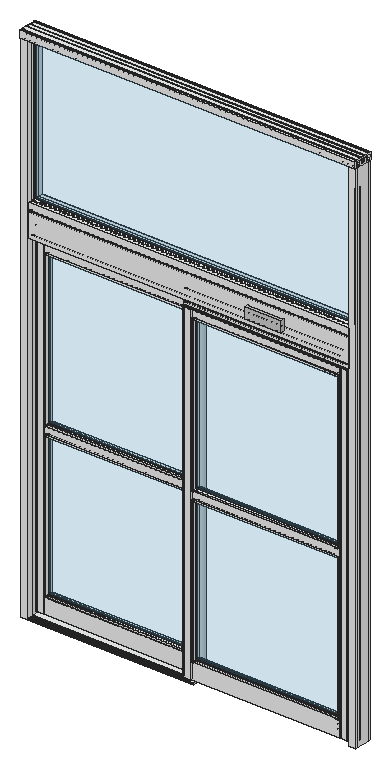
Revit family "2-6-5_Sliding-Door_TX9300SL_Single-RH-Inside-Slide-w-transom-SX-SO_Tormax", category Doors, host Wall, Revit 2026 (continued)
Automatic sketch dimensions
  Sweep 5 sketch curve to Sweep 5 sketch curve = 0' - 0.12617"  (x4)
  Sweep 5 sketch curve to Sweep 5 sketch curve = 0' - 0.22432"  (x3)
  Sweep 5 sketch curve to Sweep 5 sketch curve = 0' - 0.08144"  (x4)
  Sweep 5 sketch curve to Sweep 5 sketch curve = 0' - 0.00293"  (x2)
  Sweep 5 sketch curve to Sweep 5 sketch curve = 0' - 0.04323"
  Sweep 5 sketch curve to Sweep 5 sketch curve = 0' - 0.04616"
  Sweep 5 sketch curve to Sweep 5 sketch curve = 0' - 0.06108"  (x2)
  Sweep 5 sketch curve to Sweep 5 sketch curve = 0' - 0.04812"  (x4)
  Sweep 5 sketch curve to Sweep 5 sketch curve = 0' - 0.05475"  (x2)
  Sweep 5 sketch curve to Sweep 5 sketch curve = 0' - 0.04525"  (x2)
  Sweep 5 sketch curve to Sweep 5 sketch curve = 0' - 0.09429"
  Sweep 5 sketch curve to Sweep 5 sketch curve = 0' - 0.05567"  (x3)
  profile plane to Sweep 5 sketch curve = 0' - 0.37695"  (x2)
  Sweep 5 sketch curve to Sweep 5 sketch curve = 0' - 0.01262"  (x2)
  profile plane to Sweep 5 sketch curve = 0' - 0.22167"  (x2)
  Sweep 5 sketch curve to Sweep 5 sketch curve = 0' - 0.03212"  (x2)
  Sweep 5 sketch curve to Sweep 5 sketch curve = 0' - 0.03356"  (x8)
  Sweep 5 sketch curve to Sweep 5 sketch curve = 0' - 0.03554"  (x3)
  Sweep 5 sketch curve to Sweep 5 sketch curve = 0' - 0.06766"  (x3)
  profile plane to Sweep 5 sketch curve = 0' - 0.35252"  (x2)
  Sweep 5 sketch curve to plane 1 "Center (Front/Back)" = 0' - 1.01125"  (x2)
  Sweep 5 sketch curve to Sweep 5 sketch curve = 0' - 0.12989"  (x2)
  Sweep 5 sketch curve to Sweep 5 sketch curve = 0' - 0.02268"  (x2)
  Sweep 5 sketch curve to Sweep 5 sketch curve = 0' - 0.10221"  (x2)
  Sweep 5 sketch curve to Sweep 5 sketch curve = 0' - 0.10961"  (x2)
  Sweep 5 sketch curve to Sweep 5 sketch curve = 0' - 0.02702"  (x4)
  Sweep 5 sketch curve to Sweep 5 sketch curve = 0' - 0.09386"  (x2)
  Sweep 5 sketch curve to Sweep 5 sketch curve = 0' - 0.06396"  (x2)
  Sweep 5 sketch curve to Sweep 5 sketch curve = 0' - 0.00718"  (x2)
  plane 1 "Center (Front/Back)" to Sweep 5 sketch curve = 0' - 0.55418"  (x2)
  profile plane to Sweep 5 sketch curve = 0' - 0.07235"  (x2)
  Sweep 5 sketch curve to Sweep 5 sketch curve = 0' - 0.084"  (x2)
  Sweep 5 sketch curve to Sweep 5 sketch curve = 0' - 0.02262"  (x2)
  plane 1 "Center (Front/Back)" to Sweep 5 sketch curve = 0' - 0.66591"
  Sweep 5 sketch curve to Sweep 5 sketch curve = 0' - 0.0051"
  Sweep 5 sketch curve to Sweep 5 sketch curve = 0' - 0.00737"
  Sweep 5 sketch curve to Sweep 5 sketch curve = 0' - 0.02998"
  Sweep 5 sketch curve to Sweep 5 sketch curve = 0' - 0.05614"  (x2)
  Sweep 5 sketch curve to Sweep 5 sketch curve = 0' - 0.0365"
  Sweep 5 sketch curve to Sweep 5 sketch curve = 0' - 0.09038"
  Sweep 5 sketch curve to Sweep 5 sketch curve = 0' - 0.10049"  (x3)
  Sweep 5 sketch curve to Sweep 5 sketch curve = 0' - 0.137"
  Sweep 5 sketch curve to Sweep 5 sketch curve = 0' - 0.12489"  (x2)
  Sweep 5 sketch curve to Sweep 5 sketch curve = 0' - 0.1522"  (x2)
  Sweep 5 sketch curve to Sweep 5 sketch curve = 0' - 0.72471"
  Sweep 5 sketch curve to Sweep 5 sketch curve = 0' - 0.01209"  (x2)
  Sweep 5 sketch curve to Sweep 5 sketch curve = 0' - 0.04643"  (x2)
  Sweep 5 sketch curve to Sweep 5 sketch curve = 0' - 0.05307"  (x2)
  Sweep 5 sketch curve to Sweep 5 sketch curve = 0' - 0.05852"  (x2)
  Sweep 5 sketch curve to Sweep 5 sketch curve = 0' - 0.04545"
  Sweep 5 sketch curve to Sweep 5 sketch curve = 0' - 0.04168"  (x5)
  Sweep 5 sketch curve to Sweep 5 sketch curve = 0' - 0.05619"
  Sweep 5 sketch curve to Sweep 5 sketch curve = 0' - 0.01074"
  Sweep 5 sketch curve to Sweep 5 sketch curve = 0' - 0.09257"  (x2)
  Sweep 5 sketch curve to Sweep 5 sketch curve = 0' - 0.09452"  (x2)
  Sweep 5 sketch curve to Sweep 5 sketch curve = 0' - 0.12648"  (x4)
  Sweep 5 sketch curve to Sweep 5 sketch curve = 0' - 0.04004"  (x2)
  Sweep 5 sketch curve to Sweep 5 sketch curve = 0' - 0.04199"  (x2)
  Sweep 5 sketch curve to Sweep 5 sketch curve = 0' - 0.10172"  (x2)
  Sweep 5 sketch curve to Sweep 5 sketch curve = 0' - 0.06528"  (x4)
  Sweep 5 sketch curve to Sweep 5 sketch curve = 0' - 0.0074"  (x2)
  Sweep 5 sketch curve to Sweep 5 sketch curve = 0' - 0.10192"  (x2)
  Sweep 5 sketch curve to Sweep 5 sketch curve = 0' - 0.49787"
  Sweep 5 sketch curve to Sweep 5 sketch curve = 0' - 0.49439"
  Sweep 5 sketch curve to Sweep 5 sketch curve = 0' - 0.01222"  (x2)
  Sweep 5 sketch curve to Sweep 5 sketch curve = 0' - 0.13085"  (x2)
  Sweep 5 sketch curve to Sweep 5 sketch curve = 0' - 0.0189"  (x4)
  Sweep 5 sketch curve to Sweep 5 sketch curve = 0' - 0.03235"  (x4)
  Sweep 5 sketch curve to Sweep 5 sketch curve = 0' - 0.00194"  (x3)
  Sweep 5 sketch curve to Sweep 5 sketch curve = 0' - 0.0115"  (x2)
  Sweep 5 sketch curve to Sweep 5 sketch curve = 0' - 0"  (x5)
  Sweep 5 sketch curve to Sweep 5 sketch curve = 0' - 0.07235"
  Sweep 5 sketch curve to Sweep 5 sketch curve = 0' - 0.12472"
  Sweep 5 sketch curve to Sweep 5 sketch curve = 0' - 0.5441"
  Sweep 5 sketch curve to Sweep 5 sketch curve = 0' - 0.06266"
  Sweep 4 sketch curve to plane 1 "Center (Front/Back)" = 0' - 0.72205"  (x2)
  Sweep 4 sketch curve to Sweep 4 sketch curve = 0' - 0.15082"  (x4)
  Sweep 4 sketch curve to Sweep 4 sketch curve = 0' - 0.06396"  (x4)
  plane 1 "Center (Front/Back)" to Sweep 4 sketch curve = 0' - 0.50727"  (x2)
  Sweep 4 sketch curve to Sweep 4 sketch curve = 0' - 0.05846"  (x4)
  Sweep 4 sketch curve to Sweep 4 sketch curve = 0' - 0"  (x2)
  Sweep 4 sketch curve to Sweep 4 sketch curve = 0' - 0.26615"  (x4)
  Sweep 7 sketch curve to Sweep 7 sketch curve = 0' - 0.17947"
  Sweep 7 sketch curve to Sweep 7 sketch curve = 0' - 0.0857"
  Sweep 7 sketch curve to Sweep 7 sketch curve = 0' - 0.02391"  (x2)
  Sweep 7 sketch curve to Sweep 7 sketch curve = 0' - 0.35211"
  Sweep 7 sketch curve to Sweep 7 sketch curve = 0' - 0.37602"
  Extrusion 8 sketch curve to host wall = 0' - 0 1/8"
  plane 10 to curve 21 = 0' - 0.1396"
  curve 22 to plane 15 = 0' - 0.1396"
  profile plane to Sweep 3 sketch curve = 0' - 0.01964"
  profile plane to Sweep 3 sketch curve = 0' - 0.15431"
  Sweep 3 sketch curve to Sweep 3 sketch curve = 0' - 0.13466"
  Sweep 3 sketch curve to Sweep 3 sketch curve = 0' - 0.06032"  (x3)
  plane 1 "Center (Front/Back)" to Sweep 3 sketch curve = 0' - 0.08837"
  Sweep 3 sketch curve to Sweep 3 sketch curve = 0' - 0.21041"  (x2)
  Sweep 3 sketch curve to Sweep 3 sketch curve = 0' - 0.05891"  (x2)
  Sweep 3 sketch curve to Sweep 3 sketch curve = 0' - 0.14027"  (x2)
  Sweep 3 sketch curve to profile plane = 0' - 0.07995"  (x2)
  Sweep 3 sketch curve to profile plane = 0' - 0.23145"
  Sweep 3 sketch curve to Sweep 3 sketch curve = 0' - 0.18095"  (x2)
  Sweep 3 sketch curve to Sweep 3 sketch curve = 0' - 0.04489"
  Sweep 3 sketch curve to Sweep 3 sketch curve = 0' - 0.04528"
  Sweep 3 sketch curve to Sweep 3 sketch curve = 0' - 0.11722"
  Sweep 3 sketch curve to Sweep 3 sketch curve = 0' - 0.01185"
  Sweep 3 sketch curve to Sweep 3 sketch curve = 0' - 0.01403"
  Sweep 3 sketch curve to Sweep 3 sketch curve = 0' - 0.12398"
  plane 1 "Center (Front/Back)" to Sweep 3 sketch curve = 0' - 0.11643"
  Sweep 3 sketch curve to Sweep 3 sketch curve = 0' - 0.10026"
  Sweep 3 sketch curve to plane 1 "Center (Front/Back)" = 0' - 0.03365"
  Sweep 3 sketch curve to Sweep 3 sketch curve = 0' - 0.0023"
  Sweep 3 sketch curve to Sweep 3 sketch curve = 0' - 0.11715"
  Sweep 3 sketch curve to Sweep 3 sketch curve = 0' - 0.26369"
  Sweep 3 sketch curve to Sweep 3 sketch curve = 0' - 0.17113"  (x2)
  plane 1 "Center (Front/Back)" to Sweep 3 sketch curve = 0' - 0.01262"  (x2)
  Sweep 3 sketch curve to Sweep 3 sketch curve = 0' - 0.10661"  (x5)
  Sweep 3 sketch curve to Sweep 3 sketch curve = 0' - 0.13326"  (x5)
  Sweep 3 sketch curve to Sweep 3 sketch curve = 0' - 0.27634"  (x4)
  Sweep 3 sketch curve to plane 1 "Center (Front/Back)" = 0' - 0.06867"
  Sweep 3 sketch curve to Sweep 3 sketch curve = 0' - 0.02665"  (x2)
  Sweep 3 sketch curve to Sweep 3 sketch curve = 0' - 1.07871"
  Sweep 3 sketch curve to Sweep 3 sketch curve = 0' - 0"  (x7)
  plane 1 "Center (Front/Back)" to Sweep 3 sketch curve = 0' - 0.23145"
  Sweep 3 sketch curve to Sweep 3 sketch curve = 0' - 0.05611"
  Sweep 3 sketch curve to Sweep 3 sketch curve = 0' - 0.07996"  (x13)
  plane 1 "Center (Front/Back)" to Sweep 3 sketch curve = 0' - 0.07864"
  Sweep 3 sketch curve to Sweep 3 sketch curve = 0' - 0.12737"
  Sweep 3 sketch curve to Sweep 3 sketch curve = 0' - 0.19224"
  Sweep 3 sketch curve to Sweep 3 sketch curve = 0' - 0.14028"  (x2)
  Sweep 3 sketch curve to Sweep 3 sketch curve = 0' - 0.24548"
  Sweep 3 sketch curve to Sweep 3 sketch curve = 0' - 0 29/128"
  Sweep 3 sketch curve to plane 1 "Center (Front/Back)" = 0' - 0.25479"
  Sweep 3 sketch curve to Sweep 3 sketch curve = 0' - 0.19216"
  Sweep 3 sketch curve to Sweep 3 sketch curve = 0' - 0.19077"
  Sweep 3 sketch curve to Sweep 3 sketch curve = 0' - 0.16973"
  Sweep 3 sketch curve to plane 1 "Center (Front/Back)" = 0' - 0.62071"
  Sweep 3 sketch curve to Sweep 3 sketch curve = 0' - 0.14093"
  plane 1 "Center (Front/Back)" to Sweep 3 sketch curve = 0' - 0.00654"
  Sweep 3 sketch curve to Sweep 3 sketch curve = 0' - 0 45/256"
  Sweep 3 sketch curve to Sweep 3 sketch curve = 0' - 0.14653"
  Sweep 3 sketch curve to plane 1 "Center (Front/Back)" = 0' - 0.17184"
  Sweep 3 sketch curve to Sweep 3 sketch curve = 0' - 0.01823"
  Sweep 3 sketch curve to plane 1 "Center (Front/Back)" = 0' - 0.22935"
  Sweep 3 sketch curve to Sweep 3 sketch curve = 0' - 0.05751"
  Sweep 3 sketch curve to plane 1 "Center (Front/Back)" = 0' - 0.40469"
  Sweep 3 sketch curve to Sweep 3 sketch curve = 0' - 0.19498"
  plane 1 "Center (Front/Back)" to Sweep 3 sketch curve = 0' - 0.13365"
  Sweep 3 sketch curve to Sweep 3 sketch curve = 0' - 0.12852"
  Sweep 3 sketch curve to plane 1 "Center (Front/Back)" = 0' - 0.31001"
  plane 1 "Center (Front/Back)" to Sweep 3 sketch curve = 0' - 0.16963"
  Sweep 3 sketch curve to Sweep 3 sketch curve = 0' - 0.06959"
  plane 1 "Center (Front/Back)" to Sweep 3 sketch curve = 0' - 0.04022"
  plane 1 "Center (Front/Back)" to Sweep 3 sketch curve = 0' - 0.06172"
  Sweep 3 sketch curve to Sweep 3 sketch curve = 0' - 0.05514"
  plane 1 "Center (Front/Back)" to Sweep 3 sketch curve = 0' - 0.18382"
  Sweep 3 sketch curve to Sweep 3 sketch curve = 0' - 0.08043"
  plane 1 "Center (Front/Back)" to Sweep 3 sketch curve = 0' - 0.00421"
  plane 1 "Center (Front/Back)" to Sweep 3 sketch curve = 0' - 0.07928"
  Sweep 3 sketch curve to plane 1 "Center (Front/Back)" = 0' - 0.11502"
  Sweep 3 sketch curve to Sweep 3 sketch curve = 0' - 0.14562"
  Sweep 3 sketch curve to plane 1 "Center (Front/Back)" = 0' - 0.17043"
  Sweep 3 sketch curve to Sweep 3 sketch curve = 0' - 0.15009"
  Sweep 3 sketch curve to Sweep 3 sketch curve = 0' - 0.72381"
  Sweep 3 sketch curve to Sweep 3 sketch curve = 0' - 0.65349"
  Sweep 3 sketch curve to Sweep 3 sketch curve = 0' - 0.07881"
  Sweep 3 sketch curve to Sweep 3 sketch curve = 0' - 0.09819"
  Sweep 3 sketch curve to Sweep 3 sketch curve = 0' - 0.0442"
  Sweep 3 sketch curve to Sweep 3 sketch curve = 0' - 0.07746"
  Sweep 3 sketch curve to Sweep 3 sketch curve = 0' - 0.00267"
  Sweep 3 sketch curve to Sweep 3 sketch curve = 0' - 0.05539"
  Sweep 3 sketch curve to Sweep 3 sketch curve = 0' - 0.12746"  (x2)
  plane 1 "Center (Front/Back)" to Sweep 3 sketch curve = 0' - 0.29669"
  Sweep 3 sketch curve to Sweep 3 sketch curve = 0' - 0.05708"
  Sweep 3 sketch curve to Sweep 3 sketch curve = 0' - 0.03787"
  Sweep 3 sketch curve to Sweep 3 sketch curve = 0' - 0.06545"
  plane 1 "Center (Front/Back)" to Sweep 3 sketch curve = 0' - 0.01944"
  Sweep 3 sketch curve to Sweep 3 sketch curve = 0' - 0.02854"
  Sweep 3 sketch curve to Sweep 3 sketch curve = 0' - 0.07855"  (x2)
  Sweep 3 sketch curve to Sweep 3 sketch curve = 0' - 0.27494"
  Sweep 3 sketch curve to Sweep 3 sketch curve = 0' - 0.13887"  (x6)
  Sweep 3 sketch curve to Sweep 3 sketch curve = 0' - 0.07885"
  Sweep 3 sketch curve to Sweep 3 sketch curve = 0' - 0.0491"
  Sweep 3 sketch curve to Sweep 3 sketch curve = 0' - 0.05892"
  plane 1 "Center (Front/Back)" to Sweep 3 sketch curve = 0' - 2.1562"
  Sweep 3 sketch curve to Sweep 3 sketch curve = 0' - 0.20901"
  Sweep 3 sketch curve to Sweep 3 sketch curve = 0' - 0.02876"  (x2)
  Sweep 3 sketch curve to plane 1 "Center (Front/Back)" = 0' - 0.00721"
  plane 1 "Center (Front/Back)" to Sweep 3 sketch curve = 0' - 2.14241"
  Sweep 3 sketch curve to Sweep 3 sketch curve = 0' - 0.05145"
  Sweep 3 sketch curve to Sweep 3 sketch curve = 0' - 0.18236"
  Sweep 3 sketch curve to Sweep 3 sketch curve = 0' - 0.02177"
  Sweep 3 sketch curve to plane 1 "Center (Front/Back)" = 0' - 2.09711"
  Sweep 3 sketch curve to Sweep 3 sketch curve = 0' - 0.01885"
  Sweep 3 sketch curve to plane 1 "Center (Front/Back)" = 0' - 1.99896"
  Sweep 3 sketch curve to Sweep 3 sketch curve = 0' - 0.05666"
  Sweep 3 sketch curve to Sweep 3 sketch curve = 0' - 0.01279"
  Sweep 3 sketch curve to Sweep 3 sketch curve = 0' - 0.01477"
  Sweep 3 sketch curve to plane 1 "Center (Front/Back)" = 0' - 2.23457"
  Sweep 3 sketch curve to Sweep 3 sketch curve = 0' - 0.02278"
  Sweep 3 sketch curve to Sweep 3 sketch curve = 0' - 0.09238"
  Sweep 3 sketch curve to Sweep 3 sketch curve = 0' - 0.02372"
  Sweep 3 sketch curve to Sweep 3 sketch curve = 0' - 0.06191"
  Sweep 3 sketch curve to Sweep 3 sketch curve = 0' - 0.08169"
  Sweep 3 sketch curve to Sweep 3 sketch curve = 0' - 0.1482"
  Sweep 3 sketch curve to Sweep 3 sketch curve = 0' - 0.10932"
  Sweep 3 sketch curve to Sweep 3 sketch curve = 0' - 0.13467"
  Sweep 3 sketch curve to Sweep 3 sketch curve = 0' - 0.12485"
  Sweep 3 sketch curve to Sweep 3 sketch curve = 0' - 0.53013"
  Sweep 3 sketch curve to Sweep 3 sketch curve = 0' - 0.02683"
  Sweep 3 sketch curve to Sweep 3 sketch curve = 0' - 0.14557"
  Sweep 3 sketch curve to Sweep 3 sketch curve = 0' - 0.17977"
  Sweep 3 sketch curve to Sweep 3 sketch curve = 0' - 0.10643"
  Sweep 3 sketch curve to Sweep 3 sketch curve = 0' - 0.08038"
  Sweep 3 sketch curve to Sweep 3 sketch curve = 0' - 0.07856"
  Sweep 3 sketch curve to Sweep 3 sketch curve = 0' - 0.17815"
  Sweep 3 sketch curve to Sweep 3 sketch curve = 0' - 0.07876"  (x3)
  Sweep 3 sketch curve to Sweep 3 sketch curve = 0' - 0.0012"  (x3)
  Sweep 3 sketch curve to Sweep 3 sketch curve = 0' - 0.13607"
  Sweep 3 sketch curve to Sweep 3 sketch curve = 0' - 0.10801"
  Sweep 3 sketch curve to Sweep 3 sketch curve = 0' - 0.09942"
  Sweep 3 sketch curve to plane 1 "Center (Front/Back)" = 0' - 0.39978"
  Sweep 3 sketch curve to Sweep 3 sketch curve = 0' - 0.11643"
  Sweep 3 sketch curve to Sweep 3 sketch curve = 0' - 0.02946"
  Sweep 3 sketch curve to Sweep 3 sketch curve = 0' - 0.14971"
  Sweep 3 sketch curve to Sweep 3 sketch curve = 0' - 0.17654"
  Sweep 3 sketch curve to plane 1 "Center (Front/Back)" = 0' - 0.03421"
  Sweep 3 sketch curve to Sweep 3 sketch curve = 0' - 0.04349"  (x2)
  plane 1 "Center (Front/Back)" to Sweep 3 sketch curve = 0' - 0.04489"
  Sweep 3 sketch curve to Sweep 3 sketch curve = 0' - 0.07014"  (x3)
  Sweep 3 sketch curve to Sweep 3 sketch curve = 0' - 0.11502"
  Sweep 3 sketch curve to Sweep 3 sketch curve = 0' - 0.13046"
  Sweep 3 sketch curve to Sweep 3 sketch curve = 0' - 0 7/256"
  Sweep 3 sketch curve to Sweep 3 sketch curve = 0' - 0.04769"
  Sweep 3 sketch curve to Sweep 3 sketch curve = 0' - 0.04348"  (x2)
  Sweep 3 sketch curve to Sweep 3 sketch curve = 0' - 0.10169"  (x2)
  Sweep 3 sketch curve to Sweep 3 sketch curve = 0' - 0.11082"
  Sweep 3 sketch curve to Sweep 3 sketch curve = 0' - 0.59297"
  Sweep 3 sketch curve to Sweep 3 sketch curve = 0' - 0.17721"
  Sweep 3 sketch curve to Sweep 3 sketch curve = 0' - 0.47693"
  Sweep 3 sketch curve to Sweep 3 sketch curve = 0' - 0.03928"
  Sweep 3 sketch curve to Sweep 3 sketch curve = 0' - 0.04701"
  Sweep 3 sketch curve to Sweep 3 sketch curve = 0' - 0.13452"
  Sweep 3 sketch curve to Sweep 3 sketch curve = 0' - 0.12639"
  Sweep 3 sketch curve to Sweep 3 sketch curve = 0' - 0.00971"
  Sweep 3 sketch curve to Sweep 3 sketch curve = 0' - 0.04932"
  Sweep 3 sketch curve to Sweep 3 sketch curve = 0' - 0.01005"
  Sweep 3 sketch curve to Sweep 3 sketch curve = 0' - 0.07715"
  Sweep 3 sketch curve to Sweep 3 sketch curve = 0' - 0.42503"
  Sweep 3 sketch curve to Sweep 3 sketch curve = 0' - 0.12484"
  profile plane to Sweep 13 sketch curve = 0' - 2.78024"
  Sweep 13 sketch curve to Sweep 13 sketch curve = 0' - 0"
  Sweep 13 sketch curve to Sweep 13 sketch curve = 0' - 0.07996"  (x2)
  Sweep 13 sketch curve to Sweep 13 sketch curve = 0' - 0.13887"  (x2)
  Sweep 13 sketch curve to Sweep 13 sketch curve = 0' - 0.01809"  (x2)
  Sweep 13 sketch curve to Sweep 13 sketch curve = 0' - 0.02427"
  Sweep 13 sketch curve to Sweep 13 sketch curve = 0' - 0.0244"
  Sweep 13 sketch curve to Sweep 13 sketch curve = 0' - 0.07449"
  Sweep 13 sketch curve to Sweep 13 sketch curve = 0' - 0.09679"  (x2)
  Sweep 13 sketch curve to profile plane = 0' - 0.02116"
  Sweep 13 sketch curve to profile plane = 0' - 0.02187"
  Sweep 13 sketch curve to Sweep 13 sketch curve = 0' - 0.67612"
  Sweep 13 sketch curve to Sweep 13 sketch curve = 0' - 0.02525"
  Sweep 13 sketch curve to Sweep 13 sketch curve = 0' - 0.07785"
  Sweep 13 sketch curve to Sweep 13 sketch curve = 0' - 0.06663"
  plane 1 "Center (Front/Back)" to Sweep 13 sketch curve = 0' - 0.61019"
  Sweep 13 sketch curve to Sweep 13 sketch curve = 0' - 0.18376"
  plane 1 "Center (Front/Back)" to Sweep 13 sketch curve = 0' - 0.98753"
  Sweep 13 sketch curve to Sweep 13 sketch curve = 0' - 0.24267"
  Sweep 13 sketch curve to Sweep 13 sketch curve = 0' - 0.101"
  Sweep 13 sketch curve to Sweep 13 sketch curve = 0' - 0.07017"
  Sweep 13 sketch curve to Sweep 13 sketch curve = 0' - 0.15116"
  Sweep 13 sketch curve to Sweep 13 sketch curve = 0' - 0.03644"  (x2)
  Sweep 13 sketch curve to Sweep 13 sketch curve = 0' - 0.13326"
  Sweep 13 sketch curve to Sweep 13 sketch curve = 0' - 0.27634"
  Sweep 13 sketch curve to Sweep 13 sketch curve = 0' - 0.33173"
  Sweep 13 sketch curve to Sweep 13 sketch curve = 0' - 0.02665"
  Sweep 13 sketch curve to Sweep 13 sketch curve = 0' - 0.39978"
  Sweep 13 sketch curve to Sweep 13 sketch curve = 0' - 0.09959"
  Sweep 13 sketch curve to Sweep 13 sketch curve = 0' - 0.59021"
  Sweep 3 sketch curve to profile plane = 0' - 0.28141"
  Sweep 3 sketch curve to Sweep 3 sketch curve = 0' - 0.39757"
  Sweep 3 sketch curve to Sweep 3 sketch curve = 0' - 0.6479"
Nested families (in)
  nested 1: "Door-Sliding-Tormax-Panel-SO" at (-19.40625, 0.94098, 0), type "Door-Sliding-Tormax-Panel-SO"
    with Width 3' - 5 7/16"
  nested 2: "Door-Sliding-Tormax-Panel-SX_2.6" at (19.40625, -1.38997, 0), type "Door-Sliding-Tormax-Panel-SX"
Definition of nested family "Door-Sliding-Tormax-Panel-SO"
  Parameters (values of type "Door-Sliding-Tormax-Panel-SO")
    Width = 3' - 5 9/16"
    Thickness = 0' - 1.82"  # constant formula
    Height = 7' - 1"
    Handle Material = none
    Glass = none
    Frame Material = none
    Define Thermal Properties by = 1
    Default Elevation = 0' - 0"
    Analytic Construction = "<None>"
  Reference planes (in)
    plane 1 "Center (Front/Back)": y = 0
    plane 2: z = 0
    plane 3 "Center (Left/Right)": x = 0
    plane 4: z = 85
    plane 5: z = 42
    plane 6: y = 0.12483
    plane 7: y = -0.12517
    plane 8 "Interior": y = -0.91
    plane 9 "Exterior": y = 0.91
    plane 10: x = -20.78125
    plane 11: x = 20.78125
    plane 12: x = -18.65625
    plane 13: x = 18.65625
    plane 14: z = 42.875
    plane 15: z = 41.125
    plane 16: z = 81.875
    plane 17: z = 4.5
    plane 18 "Handle": x = 19.71875
    plane 19: z = 0.5
    plane 20: z = 5
    plane 21: z = 84.875
  Forms (in)
    Sweep 1, solid, material <- "Frame Material"
      path origin (0, 0, 0) x (1, 0, 0) y (0, 0, 1)
        loop
          line (-20.78125, 0.5) -> (-20.78125, 84.875)
      profile origin (-20.78125, 0, 42.6875) x (-1, 0, 0) y (0, -1, 0)
        loop
          line (-2.125, -0.91) -> (-0.14318, -0.91)
          arc (-0.14318, -0.91) -> (-0.12559, -0.85357) -> (-0.10913, -0.79679) r 2.96345
          line (-0.10913, -0.79679) -> (-0.18087, -0.77676) -> (-0.20082, -0.85943) -> (-0.27801, -0.84081) -> (-0.18503, -0.45549) -> (-0.10975, -0.47365) -> (-0.1297, -0.55632) -> (-0.05562, -0.57144)
          arc (-0.05562, -0.57144) -> (0, 0) -> (-0.05562, 0.57144) r 2.96345
          line (-0.05562, 0.57144) -> (-0.1297, 0.55632) -> (-0.10975, 0.47365) -> (-0.18503, 0.45549) -> (-0.27801, 0.84081) -> (-0.20082, 0.85943) -> (-0.18087, 0.77676) -> (-0.10913, 0.79679)
          arc (-0.10913, 0.79679) -> (-0.12559, 0.85357) -> (-0.14318, 0.91) r 2.96345
          line (-0.14318, 0.91) -> (-2.125, 0.91) -> (-2.125, 0.70869) -> (-2.02775, 0.76483) -> (-1.969, 0.76483) -> (-1.969, -0.76483) -> (-2.02717, -0.76483) -> (-2.125, -0.70835) -> (-2.125, -0.91)
        loop
          line (-1.844, -0.76483) -> (-0.33606, -0.76483)
          arc (-0.33606, -0.76483) -> (-0.28778, -0.57356) -> (-0.25342, -0.37931) r 2.73645
          line (-0.25342, -0.37931) -> (-0.15, -0.37931) -> (-0.15, -0.18239) -> (-0.25029, -0.18239) -> (-0.25029, 0.18239) -> (-0.15, 0.18239) -> (-0.15, 0.37931) -> (-0.25342, 0.37931)
          arc (-0.25342, 0.37931) -> (-0.28782, 0.57373) -> (-0.33616, 0.76517) r 2.73645
          line (-0.33616, 0.76517) -> (-1.844, 0.76517) -> (-1.844, -0.76483)
    Sweep 2, solid, material <- "Frame Material"
      path origin (0, 0, 0) x (1, 0, 0) y (0, 0, 1)
        loop
          line (-18.65625, 0) -> (18.65625, 0)
      profile origin (0, 0, 0) x (0, 0, 1) y (0, -1, 0)
        loop
          line (4.5, 0.8749) -> (0.5, 0.8749) -> (0.5, 0.75022) -> (2.06202, 0.75022) -> (2.06202, -0.74981) -> (1.59445, -0.74981) -> (1.30635, -0.4258) -> (0.698, -0.4258) -> (0.698, -0.5258) -> (1.27001, -0.5258) -> (1.27001, -0.76481) -> (0.5, -0.76481) -> (0.5, -0.8749) -> (4.5, -0.8749) -> (4.5, -0.70921) -> (4.39357, -0.77066) -> (4.34406, -0.77066) -> (4.34406, 0.77066) -> (4.39357, 0.77066) -> (4.5, 0.70921) -> (4.5, 0.8749)
        loop
          line (4.21945, -0.71919) -> (4.21945, 0.71919) -> (3.97279, 0.71919) -> (3.97279, 0.75305) -> (3.52125, 0.75305) -> (3.52125, 0.71919) -> (3.26966, 0.71919) -> (3.26966, 0.5938) -> (3.13704, 0.5938) -> (3.13704, 0.7188) -> (2.88641, 0.7188) -> (2.88641, 0.74999) -> (2.43765, 0.74999) -> (2.43765, 0.7188) -> (2.18703, 0.7188) -> (2.18703, -0.7188) -> (2.43765, -0.7188) -> (2.43765, -0.74999) -> (2.88641, -0.74999) -> (2.88641, -0.7188) -> (3.13704, -0.7188) -> (3.13704, -0.5938) -> (3.26966, -0.5938) -> (3.26966, -0.71919) -> (3.52125, -0.71919) -> (3.52125, -0.75305) -> (3.97279, -0.75305) -> (3.97279, -0.71919) -> (4.21945, -0.71919)
        loop
          line (42.875, -0.875) -> (42.875, -0.70777) -> (42.7655, -0.77099) -> (42.719, -0.77099) -> (42.719, 0.77099) -> (42.7655, 0.77099) -> (42.875, 0.70777) -> (42.875, 0.875) -> (41.125, 0.875) -> (41.125, 0.70777) -> (41.2345, 0.77099) -> (41.281, 0.77099) -> (41.281, -0.77099) -> (41.2345, -0.77099) -> (41.125, -0.70777) -> (41.125, -0.875) -> (42.875, -0.875)
        loop
          line (41.65541, -0.729) -> (41.65541, -0.76) -> (42.10469, -0.76) -> (42.10469, -0.729) -> (42.356, -0.729) -> (42.356, -0.519) -> (42.569, -0.519) -> (42.569, 0.519) -> (42.356, 0.519) -> (42.356, 0.729) -> (42.10469, 0.729) -> (42.10469, 0.76) -> (41.65541, 0.76) -> (41.65541, 0.729) -> (41.406, 0.729) -> (41.406, -0.729) -> (41.65541, -0.729)
        loop
          line (81.875, 0.8749) -> (81.875, 0.70921) -> (81.98143, 0.77066) -> (82.0294, 0.77066) -> (82.0294, -0.77066) -> (81.98143, -0.77066) -> (81.875, -0.70921) -> (81.875, -0.8749) -> (84.875, -0.8749) -> (84.875, -0.75002) -> (83.37502, -0.75002) -> (83.37502, 0.74998) -> (84.875, 0.74998) -> (84.875, 0.8749) -> (81.875, 0.8749)
        loop
          line (82.15555, -0.719) -> (82.468, -0.719) -> (82.468, -0.75) -> (82.793, -0.75) -> (82.793, -0.71901) -> (83.10534, -0.71901) -> (83.10534, -0.37501) -> (83.25002, -0.37501) -> (83.25002, 0.37499) -> (83.10534, 0.37499) -> (83.10534, 0.71899) -> (82.79301, 0.71899) -> (82.79301, 0.74999) -> (82.46801, 0.74999) -> (82.46801, 0.719) -> (82.15555, 0.719) -> (82.15555, -0.719)
    Sweep 3, solid, material <- "Frame Material"
      path origin (0, 0, 0) x (1, 0, 0) y (0, 0, 1)
        loop
          line (20.78125, 0.5) -> (20.78125, 84.875)
      profile origin (20.78125, 0, 42.6875) x (-1, 0, 0) y (0, -1, 0)
        loop
          line (2.125, -0.91) -> (2.125, -0.70835) -> (2.02717, -0.76483) -> (1.969, -0.76483) -> (1.969, 0.76483) -> (2.02775, 0.76483) -> (2.125, 0.70869) -> (2.125, 0.91) -> (0.14318, 0.91)
          arc (0.14318, 0.91) -> (0, 0) -> (0.14318, -0.91) r 2.96345
          line (0.14318, -0.91) -> (2.125, -0.91)
        loop
          line (1.844, -0.76483) -> (1.844, 0.76517) -> (0.23008, 0.76517)
          arc (0.23008, 0.76517) -> (0.16526, 0.47637) -> (0.13087, 0.18239) r 2.83845
          line (0.13087, 0.18239) -> (0.25029, 0.18239) -> (0.25029, -0.18239) -> (0.13087, -0.18239)
          arc (0.13087, -0.18239) -> (0.16523, -0.4762) -> (0.22999, -0.76483) r 2.83845
          line (0.22999, -0.76483) -> (1.844, -0.76483)
    Sweep 4, solid, material <- "Frame Material"
      path origin (0, 0, 0) x (1, 0, 0) y (0, 0, 1)
        loop
          line (0, 4.5) -> (0, 41.125)
      profile origin (0, 0, 22.8125) x (-1, 0, 0) y (0, -1, 0)
        loop
          line (-18.65625, -0.87481) -> (-18.15645, -0.87481) -> (-18.15645, -0.20955) -> (-18.12159, -0.20955) -> (-18.06046, -0.09459) -> (-18.08245, -0.07259) -> (-18.15436, -0.12483) -> (-18.36418, -0.12483) -> (-18.36418, -0.20955) -> (-18.5318, -0.20955) -> (-18.5318, -0.13997) -> (-18.61845, -0.13997) -> (-18.61845, 0.13997) -> (-18.5318, 0.13997) -> (-18.5318, 0.20955) -> (-18.36418, 0.20955) -> (-18.36418, 0.12483) -> (-18.15436, 0.12483) -> (-18.08245, 0.07259) -> (-18.06046, 0.09459) -> (-18.12159, 0.20955) -> (-18.15645, 0.20955) -> (-18.15645, 0.87481) -> (-18.65625, 0.87481) -> (-18.65625, 0.66561) -> (-18.75597, 0.66561) -> (-18.75597, 0.76483) -> (-18.80597, 0.76483) -> (-18.80597, 0.6157) -> (-18.69998, 0.6157) -> (-18.57594, 0.49166) -> (-18.57594, 0.32983)
          arc (-18.57594, 0.32983) -> (-18.64136, 0.30274) -> (-18.66845, 0.23732) r 0.09251
          line (-18.66845, 0.23732) -> (-18.66845, 0.1901) -> (-18.81225, 0.1901) -> (-18.81225, 0.13997) -> (-18.66845, 0.13997) -> (-18.66845, -0.13997) -> (-18.81225, -0.13997) -> (-18.81225, -0.1901) -> (-18.68146, -0.1901) -> (-18.68146, -0.25955) -> (-18.46359, -0.25955) -> (-18.46359, -0.4032) -> (-18.20611, -0.4032) -> (-18.20611, -0.8251) -> (-18.60608, -0.8251) -> (-18.60608, -0.65698) -> (-18.72056, -0.65698) -> (-18.72056, -0.70698) -> (-18.65625, -0.70698) -> (-18.65625, -0.87481)
        loop
          line (-18.55619, 0.8251) -> (-18.55619, 0.74143) -> (-18.62235, 0.74143) -> (-18.62235, 0.67847) -> (-18.52594, 0.58206) -> (-18.52594, 0.25099) -> (-18.46359, 0.25099) -> (-18.46359, 0.4032) -> (-18.20611, 0.4032) -> (-18.20611, 0.8251) -> (-18.55619, 0.8251)
        loop
          line (18.65625, -0.87481) -> (18.65625, -0.70698) -> (18.72056, -0.70698) -> (18.72056, -0.65698) -> (18.60608, -0.65698) -> (18.60608, -0.8251) -> (18.20611, -0.8251) -> (18.20611, -0.4032) -> (18.46359, -0.4032) -> (18.46359, -0.25955) -> (18.68146, -0.25955) -> (18.68146, -0.1901) -> (18.81225, -0.1901) -> (18.81225, -0.13997) -> (18.66845, -0.13997) -> (18.66845, 0.13997) -> (18.81225, 0.13997) -> (18.81225, 0.1901) -> (18.66845, 0.1901) -> (18.66845, 0.23732)
          arc (18.66845, 0.23732) -> (18.64136, 0.30274) -> (18.57594, 0.32983) r 0.09251
          line (18.57594, 0.32983) -> (18.57594, 0.49166) -> (18.69998, 0.6157) -> (18.80597, 0.6157) -> (18.80597, 0.76483) -> (18.75597, 0.76483) -> (18.75597, 0.66561) -> (18.65625, 0.66561) -> (18.65625, 0.87481) -> (18.15645, 0.87481) -> (18.15645, 0.20955) -> (18.12159, 0.20955) -> (18.06046, 0.09459) -> (18.08245, 0.07259) -> (18.15436, 0.12483) -> (18.36418, 0.12483) -> (18.36418, 0.20955) -> (18.5318, 0.20955) -> (18.5318, 0.13997) -> (18.61845, 0.13997) -> (18.61845, -0.13997) -> (18.5318, -0.13997) -> (18.5318, -0.20955) -> (18.36418, -0.20955) -> (18.36418, -0.12483) -> (18.15436, -0.12483) -> (18.08245, -0.07259) -> (18.06046, -0.09459) -> (18.12159, -0.20955) -> (18.15645, -0.20955) -> (18.15645, -0.87481) -> (18.65625, -0.87481)
        loop
          line (18.55619, 0.8251) -> (18.20611, 0.8251) -> (18.20611, 0.4032) -> (18.46359, 0.4032) -> (18.46359, 0.25099) -> (18.52594, 0.25099) -> (18.52594, 0.58206) -> (18.62235, 0.67847) -> (18.62235, 0.74143) -> (18.55619, 0.74143) -> (18.55619, 0.8251)
    Extrusion 5, solid, material <- "Glass"
      sketch origin (0, 0, 0) x (1, 0, 0) y (0, 1, 0)
        loop
          line (-18.36418, 0.12483) -> (-18.36418, -0.12517) -> (18.36418, -0.12517) -> (18.36418, 0.12483) -> (-18.36418, 0.12483)
      from 4.60457 to 40.83293
    Sweep 6, solid, material <- "Frame Material"
      path origin (0, 0, 0) x (1, 0, 0) y (0, 0, 1)
        loop
          line (-18.15645, 42) -> (18.15645, 42)
      profile origin (0, 0, 42) x (0, 0, 1) y (0, -1, 0)
        loop
          line (-37.5, -0.87481) -> (-37, -0.87481) -> (-37, -0.20955) -> (-36.96513, -0.20955) -> (-36.90401, -0.09459) -> (-36.926, -0.07259) -> (-36.99791, -0.12483) -> (-37.20772, -0.12483) -> (-37.20772, -0.20955) -> (-37.37535, -0.20955) -> (-37.37535, -0.13997) -> (-37.462, -0.13997) -> (-37.462, 0.13997) -> (-37.37535, 0.13997) -> (-37.37535, 0.20955) -> (-37.20772, 0.20955) -> (-37.20772, 0.12483) -> (-36.99791, 0.12483) -> (-36.926, 0.07259) -> (-36.90401, 0.09459) -> (-36.96513, 0.20955) -> (-37, 0.20955) -> (-37, 0.87481) -> (-37.5, 0.87481) -> (-37.5, 0.66561) -> (-37.59983, 0.66561) -> (-37.59983, 0.76483) -> (-37.64983, 0.76483) -> (-37.64983, 0.6157) -> (-37.54548, 0.6157) -> (-37.41949, 0.48971) -> (-37.41949, 0.32983)
          arc (-37.41949, 0.32983) -> (-37.48491, 0.30274) -> (-37.512, 0.23732) r 0.09251
          line (-37.512, 0.23732) -> (-37.512, 0.1901) -> (-37.6558, 0.1901) -> (-37.6558, 0.13997) -> (-37.512, 0.13997) -> (-37.512, -0.13997) -> (-37.6558, -0.13997) -> (-37.6558, -0.1901) -> (-37.52501, -0.1901) -> (-37.52501, -0.25955) -> (-37.30714, -0.25955) -> (-37.30714, -0.4032) -> (-37.04966, -0.4032) -> (-37.04966, -0.8251) -> (-37.44983, -0.8251) -> (-37.44983, -0.65698) -> (-37.56431, -0.65698) -> (-37.56431, -0.70698) -> (-37.5, -0.70698) -> (-37.5, -0.87481)
        loop
          line (-37.40006, 0.8251) -> (-37.40006, 0.74143) -> (-37.46622, 0.74143) -> (-37.46622, 0.67879) -> (-37.36949, 0.58206) -> (-37.36949, 0.25099) -> (-37.30714, 0.25099) -> (-37.30714, 0.4032) -> (-37.04966, 0.4032) -> (-37.04966, 0.8251) -> (-37.40006, 0.8251)
        loop
          line (-0.875, -0.87481) -> (-0.875, -0.70698) -> (-0.81069, -0.70698) -> (-0.81069, -0.65698) -> (-0.92517, -0.65698) -> (-0.92517, -0.8251) -> (-1.32514, -0.8251) -> (-1.32514, -0.4032) -> (-1.06766, -0.4032) -> (-1.06766, -0.25955) -> (-0.84979, -0.25955) -> (-0.84979, -0.1901) -> (-0.719, -0.1901) -> (-0.719, -0.13997) -> (-0.8628, -0.13997) -> (-0.8628, 0.13997) -> (-0.719, 0.13997) -> (-0.719, 0.1901) -> (-0.8628, 0.1901) -> (-0.8628, 0.23732)
          arc (-0.8628, 0.23732) -> (-0.88989, 0.30274) -> (-0.95531, 0.32983) r 0.09251
          line (-0.95531, 0.32983) -> (-0.95531, 0.49166) -> (-0.83127, 0.6157) -> (-0.72528, 0.6157) -> (-0.72528, 0.76483) -> (-0.77528, 0.76483) -> (-0.77528, 0.66561) -> (-0.875, 0.66561) -> (-0.875, 0.87481) -> (-1.3748, 0.87481) -> (-1.3748, 0.20955) -> (-1.40966, 0.20955) -> (-1.47079, 0.09459) -> (-1.4488, 0.07259) -> (-1.37689, 0.12483) -> (-1.16707, 0.12483) -> (-1.16707, 0.20955) -> (-0.99945, 0.20955) -> (-0.99945, 0.13997) -> (-0.9128, 0.13997) -> (-0.9128, -0.13997) -> (-0.99945, -0.13997) -> (-0.99945, -0.20955) -> (-1.16707, -0.20955) -> (-1.16707, -0.12483) -> (-1.37689, -0.12483) -> (-1.4488, -0.07259) -> (-1.47079, -0.09459) -> (-1.40966, -0.20955) -> (-1.3748, -0.20955) -> (-1.3748, -0.87481) -> (-0.875, -0.87481)
        loop
          line (-0.97506, 0.8251) -> (-1.32514, 0.8251) -> (-1.32514, 0.4032) -> (-1.06766, 0.4032) -> (-1.06766, 0.25099) -> (-1.00531, 0.25099) -> (-1.00531, 0.58206) -> (-0.9089, 0.67847) -> (-0.9089, 0.74143) -> (-0.97506, 0.74143) -> (-0.97506, 0.8251)
        loop
          line (0.875, -0.87481) -> (1.3748, -0.87481) -> (1.3748, -0.20955) -> (1.40966, -0.20955) -> (1.47079, -0.09459) -> (1.4488, -0.07259) -> (1.37689, -0.12483) -> (1.16707, -0.12483) -> (1.16707, -0.20955) -> (0.99945, -0.20955) -> (0.99945, -0.13997) -> (0.9128, -0.13997) -> (0.9128, 0.13997) -> (0.99945, 0.13997) -> (0.99945, 0.20955) -> (1.16707, 0.20955) -> (1.16707, 0.12483) -> (1.37689, 0.12483) -> (1.4488, 0.07259) -> (1.47079, 0.09459) -> (1.40966, 0.20955) -> (1.3748, 0.20955) -> (1.3748, 0.87481) -> (0.875, 0.87481) -> (0.875, 0.66561) -> (0.77528, 0.66561) -> (0.77528, 0.76483) -> (0.72528, 0.76483) -> (0.72528, 0.6157) -> (0.83127, 0.6157) -> (0.95531, 0.49166) -> (0.95531, 0.32983)
          arc (0.95531, 0.32983) -> (0.88989, 0.30274) -> (0.8628, 0.23732) r 0.09251
          line (0.8628, 0.23732) -> (0.8628, 0.1901) -> (0.719, 0.1901) -> (0.719, 0.13997) -> (0.8628, 0.13997) -> (0.8628, -0.13997) -> (0.719, -0.13997) -> (0.719, -0.1901) -> (0.84979, -0.1901) -> (0.84979, -0.25955) -> (1.06766, -0.25955) -> (1.06766, -0.4032) -> (1.32514, -0.4032) -> (1.32514, -0.8251) -> (0.92517, -0.8251) -> (0.92517, -0.65698) -> (0.81069, -0.65698) -> (0.81069, -0.70698) -> (0.875, -0.70698) -> (0.875, -0.87481)
        loop
          line (0.97506, 0.8251) -> (0.97506, 0.74143) -> (0.9089, 0.74143) -> (0.9089, 0.67847) -> (1.00531, 0.58206) -> (1.00531, 0.25099) -> (1.06766, 0.25099) -> (1.06766, 0.4032) -> (1.32514, 0.4032) -> (1.32514, 0.8251) -> (0.97506, 0.8251)
        loop
          line (39.875, -0.87481) -> (39.875, -0.70698) -> (39.93931, -0.70698) -> (39.93931, -0.65698) -> (39.82483, -0.65698) -> (39.82483, -0.8251) -> (39.42486, -0.8251) -> (39.42486, -0.4032) -> (39.68234, -0.4032) -> (39.68234, -0.25955) -> (39.90021, -0.25955) -> (39.90021, -0.1901) -> (40.031, -0.1901) -> (40.031, -0.13997) -> (39.8872, -0.13997) -> (39.8872, 0.13997) -> (40.031, 0.13997) -> (40.031, 0.1901) -> (39.8872, 0.1901) -> (39.8872, 0.23732)
          arc (39.8872, 0.23732) -> (39.86011, 0.30274) -> (39.79469, 0.32983) r 0.09251
          line (39.79469, 0.32983) -> (39.79469, 0.49166) -> (39.91873, 0.6157) -> (40.02472, 0.6157) -> (40.02472, 0.76483) -> (39.97472, 0.76483) -> (39.97472, 0.66561) -> (39.875, 0.66561) -> (39.875, 0.87481) -> (39.3752, 0.87481) -> (39.3752, 0.20955) -> (39.34034, 0.20955) -> (39.27921, 0.09459) -> (39.3012, 0.07259) -> (39.37311, 0.12483) -> (39.58293, 0.12483) -> (39.58293, 0.20955) -> (39.75055, 0.20955) -> (39.75055, 0.13997) -> (39.8372, 0.13997) -> (39.8372, -0.13997) -> (39.75055, -0.13997) -> (39.75055, -0.20955) -> (39.58293, -0.20955) -> (39.58293, -0.12483) -> (39.37311, -0.12483) -> (39.3012, -0.07259) -> (39.27921, -0.09459) -> (39.34034, -0.20955) -> (39.3752, -0.20955) -> (39.3752, -0.87481) -> (39.875, -0.87481)
        loop
          line (39.77494, 0.8251) -> (39.42486, 0.8251) -> (39.42486, 0.4032) -> (39.68234, 0.4032) -> (39.68234, 0.25099) -> (39.74469, 0.25099) -> (39.74469, 0.58206) -> (39.8411, 0.67847) -> (39.8411, 0.74143) -> (39.77494, 0.74143) -> (39.77494, 0.8251)
    Sweep 7, solid, material <- "Frame Material"
      path origin (0, 0, 0) x (1, 0, 0) y (0, 0, 1)
        loop
          line (0, 42.875) -> (0, 81.875)
      profile origin (0, 0, 62.375) x (-1, 0, 0) y (0, -1, 0)
        loop
          line (-18.65625, -0.87481) -> (-18.15645, -0.87481) -> (-18.15645, -0.20955) -> (-18.12159, -0.20955) -> (-18.06046, -0.09459) -> (-18.08245, -0.07259) -> (-18.15436, -0.12483) -> (-18.36418, -0.12483) -> (-18.36418, -0.20955) -> (-18.5318, -0.20955) -> (-18.5318, -0.13997) -> (-18.61845, -0.13997) -> (-18.61845, 0.13997) -> (-18.5318, 0.13997) -> (-18.5318, 0.20955) -> (-18.36418, 0.20955) -> (-18.36418, 0.12483) -> (-18.15436, 0.12483) -> (-18.08245, 0.07259) -> (-18.06046, 0.09459) -> (-18.12159, 0.20955) -> (-18.15645, 0.20955) -> (-18.15645, 0.87481) -> (-18.65625, 0.87481) -> (-18.65625, 0.66561) -> (-18.75597, 0.66561) -> (-18.75597, 0.76483) -> (-18.80597, 0.76483) -> (-18.80597, 0.6157) -> (-18.69998, 0.6157) -> (-18.57594, 0.49166) -> (-18.57594, 0.32983)
          arc (-18.57594, 0.32983) -> (-18.64136, 0.30274) -> (-18.66845, 0.23732) r 0.09251
          line (-18.66845, 0.23732) -> (-18.66845, 0.1901) -> (-18.81225, 0.1901) -> (-18.81225, 0.13997) -> (-18.66845, 0.13997) -> (-18.66845, -0.13997) -> (-18.81225, -0.13997) -> (-18.81225, -0.1901) -> (-18.68146, -0.1901) -> (-18.68146, -0.25955) -> (-18.46359, -0.25955) -> (-18.46359, -0.4032) -> (-18.20611, -0.4032) -> (-18.20611, -0.8251) -> (-18.60608, -0.8251) -> (-18.60608, -0.65698) -> (-18.72056, -0.65698) -> (-18.72056, -0.70698) -> (-18.65625, -0.70698) -> (-18.65625, -0.87481)
        loop
          line (-18.55619, 0.8251) -> (-18.55619, 0.74143) -> (-18.62235, 0.74143) -> (-18.62235, 0.67847) -> (-18.52594, 0.58206) -> (-18.52594, 0.25099) -> (-18.46359, 0.25099) -> (-18.46359, 0.4032) -> (-18.20611, 0.4032) -> (-18.20611, 0.8251) -> (-18.55619, 0.8251)
        loop
          line (18.65625, -0.87481) -> (18.65625, -0.70698) -> (18.72056, -0.70698) -> (18.72056, -0.65698) -> (18.60608, -0.65698) -> (18.60608, -0.8251) -> (18.20611, -0.8251) -> (18.20611, -0.4032) -> (18.46359, -0.4032) -> (18.46359, -0.25955) -> (18.68146, -0.25955) -> (18.68146, -0.1901) -> (18.81225, -0.1901) -> (18.81225, -0.13997) -> (18.66845, -0.13997) -> (18.66845, 0.13997) -> (18.81225, 0.13997) -> (18.81225, 0.1901) -> (18.66845, 0.1901) -> (18.66845, 0.23732)
          arc (18.66845, 0.23732) -> (18.64136, 0.30274) -> (18.57594, 0.32983) r 0.09251
          line (18.57594, 0.32983) -> (18.57594, 0.49166) -> (18.69998, 0.6157) -> (18.80597, 0.6157) -> (18.80597, 0.76483) -> (18.75597, 0.76483) -> (18.75597, 0.66561) -> (18.65625, 0.66561) -> (18.65625, 0.87481) -> (18.15645, 0.87481) -> (18.15645, 0.20955) -> (18.12159, 0.20955) -> (18.06046, 0.09459) -> (18.08245, 0.07259) -> (18.15436, 0.12483) -> (18.36418, 0.12483) -> (18.36418, 0.20955) -> (18.5318, 0.20955) -> (18.5318, 0.13997) -> (18.61845, 0.13997) -> (18.61845, -0.13997) -> (18.5318, -0.13997) -> (18.5318, -0.20955) -> (18.36418, -0.20955) -> (18.36418, -0.12483) -> (18.15436, -0.12483) -> (18.08245, -0.07259) -> (18.06046, -0.09459) -> (18.12159, -0.20955) -> (18.15645, -0.20955) -> (18.15645, -0.87481) -> (18.65625, -0.87481)
        loop
          line (18.55619, 0.8251) -> (18.20611, 0.8251) -> (18.20611, 0.4032) -> (18.46359, 0.4032) -> (18.46359, 0.25099) -> (18.52594, 0.25099) -> (18.52594, 0.58206) -> (18.62235, 0.67847) -> (18.62235, 0.74143) -> (18.55619, 0.74143) -> (18.55619, 0.8251)
    Extrusion 8, solid, material <- "Glass"
      sketch origin (0, 0, 0) x (1, 0, 0) y (0, 1, 0)
        loop
          line (-18.36418, 0.12483) -> (-18.36418, -0.12517) -> (18.36418, -0.12517) -> (18.36418, 0.12483) -> (-18.36418, 0.12483)
      from 43.16707 to 81.58293
  Lines and regions (in)
    symbolic lines
      curve 1: line (-20.78125, 0.91, 0) -> (-20.78125, 42.4725, 0)
      curve 2: arc (-20.78125, 42.4725, 0) -> (8.60788, 30.29913, 0) -> (20.78125, 0.91, 0) r 41.5625
      curve 3: line (-20.78125, 0, 42) -> (20.78125, 0, 84.875)
      curve 4: line (-20.78125, 0, 42) -> (20.78125, 0, 0.5)
  Dimensions and locks (in)
    "Height": plane 4 to level
    equal spacing: plane 10, plane 3 "Center (Left/Right)", plane 11
    "Width": plane 10 to plane 11
    "Thickness": plane 9 "Exterior" to plane 8 "Interior"
    equal spacing: plane 9 "Exterior", plane 1 "Center (Front/Back)", plane 8 "Interior"
    locked: plane 10 to plane 12 at 2.125
    locked: plane 13 to plane 11 at 2.125
    locked: plane 5 to level at 42
    plane 14 to plane 5 to plane 15 = 0' - 0 7/8" locked, 0' - 0 7/8" locked
    locked: plane 17 to plane 19 at 4
    locked: Sweep 4 sketch curve to plane 13 at 0.4998  (x2)
    plane 12 to Sweep 4 sketch curve to Sweep 4 sketch curve = 0' - 0.4998" locked, 0' - 0" locked
    plane 7 to plane 1 "Center (Front/Back)" to plane 6 = 0' - 0.12517" locked, 0' - 0.12483" locked
    locked: Extrusion 5 sketch curve to plane 13 at 0.29207
    locked: plane 12 to Extrusion 5 sketch curve at 0.29207
    locked: Sweep 6 sketch curve to plane 13 at 0.4998
    locked: Sweep 6 sketch curve to plane 12 at 0.4998
    locked: Extrusion 5 to plane 15 at 0.29207
    locked: Extrusion 8 to plane 14 at 0.29207
    locked: Extrusion 8 to plane 16 at 0.29207
    locked: plane 12 to Sweep 7 sketch curve at 0.4998  (x2)
    Sweep 7 sketch curve to Sweep 7 sketch curve to plane 13 = 0' - 0" locked, 0' - 0.4998" locked
    locked: plane 16 to plane 21 at 3
    plane 16 to Sweep 2 sketch curve to Sweep 2 sketch curve = 0' - 1.37502" locked, 0' - 0 1/8" locked
    equal spacing: plane 13, plane 18 "Handle", plane 11
    locked: plane 19 to plane 2 at 0.5
    plane 20 to plane 17 = 0' - 0 1/2"
    plane 4 to plane 21 = 0' - 0 1/8"
    locked: plane 4 to plane 21 at 0.125
    "Width": radius of curve 2
    aligned and locked: plane 2 to level
    aligned and locked: Sweep 1 sketch curve to plane 10
    aligned and locked: plane 12 to Sweep 2 sketch curve
    aligned and locked: plane 13 to Sweep 2 sketch curve
    aligned and locked: Sweep 2 sketch curve to plane 2
    aligned and locked: plane 14 to Sweep 2 sketch curve
    aligned and locked: Sweep 2 sketch curve to plane 14
    aligned and locked: plane 11 to Sweep 3 sketch curve
    aligned and locked: plane 13 to Sweep 3 sketch curve
    aligned and locked: plane 3 "Center (Left/Right)" to Sweep 4 sketch curve
    aligned and locked: plane 15 to Sweep 4 sketch curve
    aligned and locked: plane 17 to Sweep 4 sketch curve
    aligned and locked: Sweep 4 sketch curve to plane 13
    aligned and locked: plane 13 to Sweep 4 sketch curve
    aligned and locked: plane 12 to Sweep 4 sketch curve
    aligned and locked: Sweep 4 sketch curve to plane 12
    aligned and locked: plane 6 to Extrusion 5 sketch curve
    aligned and locked: plane 7 to Extrusion 5 sketch curve
    aligned and locked: Sweep 6 sketch curve to plane 5
    aligned and locked: plane 16 to Sweep 7 sketch curve
    aligned and locked: plane 14 to Sweep 7 sketch curve
    aligned and locked: plane 12 to Sweep 7 sketch curve
    aligned and locked: Sweep 7 sketch curve to plane 12
    aligned and locked: Sweep 7 sketch curve to plane 13
    aligned and locked: plane 13 to Sweep 7 sketch curve
    aligned and locked: Sweep 2 sketch curve to plane 16  (x2)
    aligned and locked: plane 9 "Exterior" to curve 2  (x2)
    aligned and locked: plane 10 to curve 2
    aligned and locked: plane 5 to curve 4
    aligned and locked: plane 10 to curve 3
    aligned and locked: Sweep 6 sketch curve to plane 17
    aligned and locked: plane 17 to Sweep 6 sketch curve
    aligned and locked: plane 20 to Sweep 6 sketch curve
    aligned and locked: Sweep 6 sketch curve to plane 20
    aligned and locked: Sweep 2 sketch curve to plane 19  (x2)
    aligned and locked: plane 17 to Sweep 2 sketch curve  (x2)
    aligned and locked: Sweep 1 sketch curve to plane 12  (x2)
    aligned and locked: Sweep 3 sketch curve to plane 9 "Exterior"
    aligned and locked: plane 8 "Interior" to Sweep 3 sketch curve
    aligned and locked: plane 19 to Sweep 1 sketch curve
    aligned and locked: plane 19 to Sweep 3 sketch curve
    aligned and locked: plane 19 to curve 4
    aligned and locked: plane 11 to curve 4
    aligned and locked: Sweep 2 sketch curve to plane 21  (x2)
    aligned and locked: plane 21 to Sweep 1 sketch curve
    aligned and locked: plane 11 to curve 3
    aligned and locked: plane 21 to curve 3
    aligned and locked: plane 21 to Sweep 3 sketch curve
  Automatic sketch dimensions
    Sweep 4 sketch curve to Sweep 4 sketch curve = 0' - 0.0122"
    Sweep 4 sketch curve to plane 1 "Center (Front/Back)" = 0' - 0.13997"
    Sweep 4 sketch curve to Sweep 4 sketch curve = 0' - 0"  (x5)
    Sweep 4 sketch curve to Sweep 4 sketch curve = 0' - 0.01301"  (x2)
    plane 1 "Center (Front/Back)" to Sweep 4 sketch curve = 0' - 0.6157"
    Sweep 4 sketch curve to Sweep 4 sketch curve = 0' - 0.04373"  (x2)
    Sweep 4 sketch curve to Sweep 4 sketch curve = 0' - 0.06431"  (x2)
    Sweep 4 sketch curve to Sweep 4 sketch curve = 0' - 0.05599"
    Sweep 4 sketch curve to Sweep 4 sketch curve = 0' - 0.05"  (x8)
    Sweep 4 sketch curve to Sweep 4 sketch curve = 0' - 0.13079"  (x2)
    Sweep 4 sketch curve to Sweep 4 sketch curve = 0' - 0.1438"  (x2)
    Sweep 4 sketch curve to Sweep 4 sketch curve = 0' - 0.0339"  (x2)
    Sweep 4 sketch curve to Sweep 4 sketch curve = 0' - 0.05017"  (x2)
    plane 1 "Center (Front/Back)" to Sweep 4 sketch curve = 0' - 0.49166"
    Sweep 4 sketch curve to Sweep 4 sketch curve = 0' - 0.12404"  (x2)
    Sweep 4 sketch curve to Sweep 4 sketch curve = 0' - 0.06616"  (x2)
    Sweep 4 sketch curve to Sweep 4 sketch curve = 0' - 0.08665"  (x3)
    Sweep 4 sketch curve to Sweep 4 sketch curve = 0' - 0.00586"  (x2)
    Sweep 4 sketch curve to Sweep 4 sketch curve = 0' - 0.0682"  (x2)
    Sweep 4 sketch curve to Sweep 4 sketch curve = 0' - 0.11234"
    Sweep 4 sketch curve to Sweep 4 sketch curve = 0' - 0.09942"  (x4)
    Sweep 4 sketch curve to Sweep 4 sketch curve = 0' - 0.04966"  (x4)
    Sweep 4 sketch curve to plane 1 "Center (Front/Back)" = 0' - 0.12483"
    Sweep 4 sketch curve to Sweep 4 sketch curve = 0' - 0.00209"  (x2)
    Sweep 4 sketch curve to Sweep 4 sketch curve = 0' - 0.03487"  (x4)
    plane 1 "Center (Front/Back)" to Sweep 4 sketch curve = 0' - 0.20955"  (x2)
    plane 1 "Center (Front/Back)" to Sweep 4 sketch curve = 0' - 0.07259"  (x2)
    Sweep 4 sketch curve to Sweep 4 sketch curve = 0' - 0.0719"  (x4)
    Sweep 4 sketch curve to plane 1 "Center (Front/Back)" = 0' - 0.07259"  (x2)
    Sweep 4 sketch curve to plane 1 "Center (Front/Back)" = 0' - 0.09459"  (x2)
    Sweep 4 sketch curve to Sweep 4 sketch curve = 0' - 0.02199"  (x4)
    plane 1 "Center (Front/Back)" to Sweep 4 sketch curve = 0' - 0.09459"  (x2)
    Sweep 4 sketch curve to Sweep 4 sketch curve = 0' - 0.06113"
    Sweep 4 sketch curve to plane 1 "Center (Front/Back)" = 0' - 0.20955"
    plane 1 "Center (Front/Back)" to Sweep 4 sketch curve = 0' - 0.12483"
    Sweep 4 sketch curve to Sweep 4 sketch curve = 0' - 0.06234"
    Sweep 4 sketch curve to Sweep 4 sketch curve = 0' - 0.03026"
    Sweep 4 sketch curve to Sweep 4 sketch curve = 0' - 0.14248"
    Sweep 4 sketch curve to Sweep 4 sketch curve = 0' - 0.09251"
    Sweep 4 sketch curve to Sweep 4 sketch curve = 0' - 0.13361"
    Sweep 4 sketch curve to plane 1 "Center (Front/Back)" = 0' - 0.25955"
    Sweep 4 sketch curve to Sweep 4 sketch curve = 0' - 0.11958"
    Sweep 4 sketch curve to Sweep 4 sketch curve = 0' - 0.14365"
    Sweep 4 sketch curve to Sweep 4 sketch curve = 0' - 0.19365"  (x3)
    Sweep 4 sketch curve to Sweep 4 sketch curve = 0' - 0.25378"  (x2)
    Sweep 4 sketch curve to Sweep 4 sketch curve = 0' - 0.4219"  (x2)
    Sweep 4 sketch curve to Sweep 4 sketch curve = 0' - 0.04971"  (x4)
    Sweep 4 sketch curve to Sweep 4 sketch curve = 0' - 0.08472"  (x5)
    Sweep 4 sketch curve to Sweep 4 sketch curve = 0' - 0.05012"  (x4)
    Sweep 4 sketch curve to Sweep 4 sketch curve = 0' - 0.06945"
    Sweep 4 sketch curve to Sweep 4 sketch curve = 0' - 0.06958"  (x2)
    plane 1 "Center (Front/Back)" to Sweep 4 sketch curve = 0' - 0.13997"  (x2)
    Sweep 4 sketch curve to Sweep 4 sketch curve = 0' - 0.04722"
    Sweep 4 sketch curve to Sweep 4 sketch curve = 0' - 0.02777"
    Sweep 4 sketch curve to Sweep 4 sketch curve = 0' - 0.04144"  (x2)
    Sweep 4 sketch curve to Sweep 4 sketch curve = 0' - 0.08847"
    Sweep 4 sketch curve to Sweep 4 sketch curve = 0' - 0.0904"  (x2)
    Sweep 4 sketch curve to Sweep 4 sketch curve = 0' - 0.04991"  (x2)
    Sweep 4 sketch curve to Sweep 4 sketch curve = 0' - 0.01286"  (x2)
    Sweep 4 sketch curve to Sweep 4 sketch curve = 0' - 0.06296"  (x2)
    Sweep 4 sketch curve to Sweep 4 sketch curve = 0' - 0.09922"  (x2)
    Sweep 4 sketch curve to Sweep 4 sketch curve = 0' - 0.08367"  (x2)
    Sweep 7 sketch curve to plane 3 "Center (Left/Right)" = 0' - 0"
    plane 1 "Center (Front/Back)" to Sweep 7 sketch curve = 0' - 0.1901"
    Sweep 7 sketch curve to Sweep 7 sketch curve = 0' - 0"  (x6)
    Sweep 7 sketch curve to Sweep 7 sketch curve = 0' - 0.00628"
    Sweep 7 sketch curve to Sweep 7 sketch curve = 0' - 0.05"  (x8)
    Sweep 7 sketch curve to Sweep 7 sketch curve = 0' - 0.05599"
    Sweep 7 sketch curve to Sweep 7 sketch curve = 0' - 0.13079"  (x2)
    Sweep 7 sketch curve to Sweep 7 sketch curve = 0' - 0.1438"  (x2)
    Sweep 7 sketch curve to Sweep 7 sketch curve = 0' - 0.06431"  (x2)
    Sweep 7 sketch curve to Sweep 7 sketch curve = 0' - 0.04373"  (x2)
    Sweep 7 sketch curve to Sweep 7 sketch curve = 0' - 0.0339"  (x2)
    Sweep 7 sketch curve to Sweep 7 sketch curve = 0' - 0.05017"  (x2)
    plane 1 "Center (Front/Back)" to Sweep 7 sketch curve = 0' - 0.49166"
    Sweep 7 sketch curve to Sweep 7 sketch curve = 0' - 0.12404"  (x3)
    Sweep 7 sketch curve to Sweep 7 sketch curve = 0' - 0.06616"  (x2)
    Sweep 7 sketch curve to Sweep 7 sketch curve = 0' - 0.08665"  (x3)
    Sweep 7 sketch curve to Sweep 7 sketch curve = 0' - 0.00586"  (x2)
    Sweep 7 sketch curve to Sweep 7 sketch curve = 0' - 0.0682"  (x2)
    Sweep 7 sketch curve to Sweep 7 sketch curve = 0' - 0.11234"
    Sweep 7 sketch curve to Sweep 7 sketch curve = 0' - 0.09942"  (x4)
    Sweep 7 sketch curve to Sweep 7 sketch curve = 0' - 0.04966"  (x4)
    Sweep 7 sketch curve to plane 1 "Center (Front/Back)" = 0' - 0.12483"
    Sweep 7 sketch curve to Sweep 7 sketch curve = 0' - 0.00209"  (x2)
    Sweep 7 sketch curve to Sweep 7 sketch curve = 0' - 0.03487"  (x4)
    plane 1 "Center (Front/Back)" to Sweep 7 sketch curve = 0' - 0.20955"  (x2)
    plane 1 "Center (Front/Back)" to Sweep 7 sketch curve = 0' - 0.07259"  (x2)
    Sweep 7 sketch curve to Sweep 7 sketch curve = 0' - 0.0719"  (x4)
    Sweep 7 sketch curve to plane 1 "Center (Front/Back)" = 0' - 0.07259"  (x2)
    Sweep 7 sketch curve to plane 1 "Center (Front/Back)" = 0' - 0.09459"  (x2)
    Sweep 7 sketch curve to Sweep 7 sketch curve = 0' - 0.02199"  (x4)
    plane 1 "Center (Front/Back)" to Sweep 7 sketch curve = 0' - 0.09459"  (x2)
    Sweep 7 sketch curve to plane 1 "Center (Front/Back)" = 0' - 0.20955"
    Sweep 7 sketch curve to Sweep 7 sketch curve = 0' - 0.06113"
    plane 1 "Center (Front/Back)" to Sweep 7 sketch curve = 0' - 0.12483"
    Sweep 7 sketch curve to Sweep 7 sketch curve = 0' - 0.06234"
    Sweep 7 sketch curve to Sweep 7 sketch curve = 0' - 0.03026"
    Sweep 7 sketch curve to Sweep 7 sketch curve = 0' - 0.14248"
    Sweep 7 sketch curve to Sweep 7 sketch curve = 0' - 0.09251"
    Sweep 7 sketch curve to Sweep 7 sketch curve = 0' - 0.01301"
    Sweep 7 sketch curve to Sweep 7 sketch curve = 0' - 0.13361"
    Sweep 7 sketch curve to plane 1 "Center (Front/Back)" = 0' - 0.25955"  (x2)
    Sweep 7 sketch curve to Sweep 7 sketch curve = 0' - 0.14365"
    Sweep 7 sketch curve to Sweep 7 sketch curve = 0' - 0.19365"  (x3)
    Sweep 7 sketch curve to Sweep 7 sketch curve = 0' - 0.25378"  (x2)
    Sweep 7 sketch curve to Sweep 7 sketch curve = 0' - 0.4219"  (x2)
    Sweep 7 sketch curve to Sweep 7 sketch curve = 0' - 0.04971"  (x4)
    Sweep 7 sketch curve to Sweep 7 sketch curve = 0' - 0.08472"  (x5)
    Sweep 7 sketch curve to Sweep 7 sketch curve = 0' - 0.06945"  (x2)
    Sweep 7 sketch curve to Sweep 7 sketch curve = 0' - 0.05012"  (x4)
    Sweep 7 sketch curve to Sweep 7 sketch curve = 0' - 0.06958"  (x2)
    plane 1 "Center (Front/Back)" to Sweep 7 sketch curve = 0' - 0.13997"
    Sweep 7 sketch curve to Sweep 7 sketch curve = 0' - 0.04722"
    Sweep 7 sketch curve to Sweep 7 sketch curve = 0' - 0.02777"
    Sweep 7 sketch curve to Sweep 7 sketch curve = 0' - 0.04144"  (x2)
    Sweep 7 sketch curve to Sweep 7 sketch curve = 0' - 0.08847"
    Sweep 7 sketch curve to Sweep 7 sketch curve = 0' - 0.0904"  (x2)
